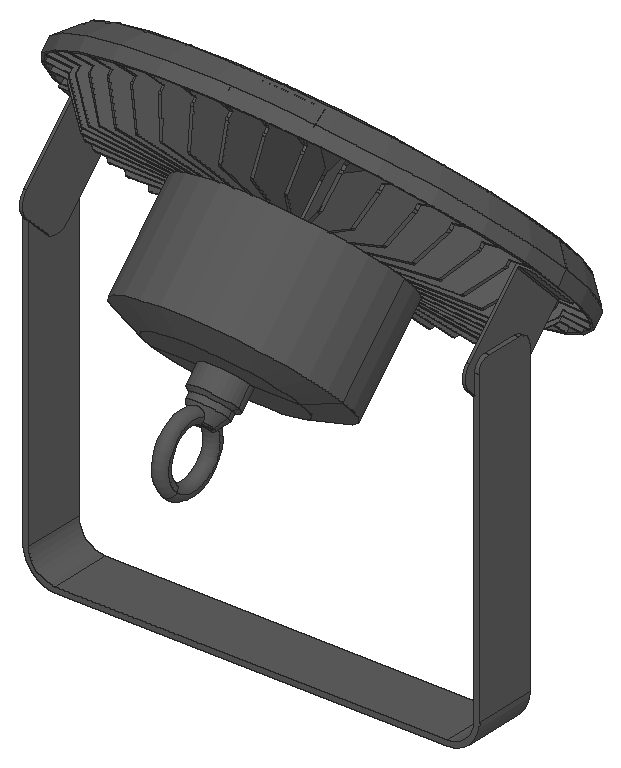
Revit family "0039362+0039353 Sylvania Lighting Fixture START HighBay IP65 DALI 13000lm 840 MB with BRACKET", category Lighting Fixtures, host Face, Revit 2017 (continued)
Definition of nested family "Start LED Highbay DALI Head"
  Nested families
    nested 8: "Start Highbay Rib" at (0, 0, 80.875) x (0.454, 0.891, 0) z (0, 0, 1), type "Type Name", detail levels medium+fine
      with SuspensionHeight_FEILO 2.6 mm, WidthStraight_FEILO 4.7 mm, WidthRingChamfer_FEILO 12.9 mm, WidthCurved_FEILO 26.2 mm, WidthCurvedRing_FEILO 4.7 mm, SizeS_FEILO no, Rib4_FEILO 14.6 mm, Rib3_FEILO 20.2 mm, Rib2_FEILO 4.5 mm, Rib1_FEILO 19 mm, RadiusDiffuser_FEILO 120 mm, RHRadius3_FEILO 8.6 mm, RHRadius2_FEILO 14 mm, RHRadius1_FEILO 17.7 mm, RHHeight4_FEILO 9.2 mm, RHHeight3_FEILO 4.6 mm, RHHeight2_FEILO 2.6 mm, RHHeight1_FEILO 17.4 mm, HeightRing_FEILO 36.8 mm, HeightRingChamfer_FEILO 26.6 mm, EyeThickness_FEILO 10.5 mm, EyeThicknessHalf_FEILO 5.25 mm, EyeInner_FEILO 17.3 mm, DriverVerticalStraight_FEILO 57 mm, DriverVerticalChamfer_FEILO 9.5 mm, DriverRadius_FEILO 76.4 mm, DriverRadiusTop_FEILO 52.4 mm, DriverBottom_FEILO 74 mm, Radius_FEILO 169.5 mm
    nested 9: "Start Highbay Rib" at (0, 0, 80.875) x (0.309, 0.9511, 0) z (0, 0, 1), type "Type Name", detail levels medium+fine
      with SuspensionHeight_FEILO 2.6 mm, WidthStraight_FEILO 4.7 mm, WidthRingChamfer_FEILO 12.9 mm, WidthCurved_FEILO 26.2 mm, WidthCurvedRing_FEILO 4.7 mm, SizeS_FEILO no, Rib4_FEILO 14.6 mm, Rib3_FEILO 20.2 mm, Rib2_FEILO 4.5 mm, Rib1_FEILO 19 mm, RadiusDiffuser_FEILO 120 mm, RHRadius3_FEILO 8.6 mm, RHRadius2_FEILO 14 mm, RHRadius1_FEILO 17.7 mm, RHHeight4_FEILO 9.2 mm, RHHeight3_FEILO 4.6 mm, RHHeight2_FEILO 2.6 mm, RHHeight1_FEILO 17.4 mm, HeightRing_FEILO 36.8 mm, HeightRingChamfer_FEILO 26.6 mm, EyeThickness_FEILO 10.5 mm, EyeThicknessHalf_FEILO 5.25 mm, EyeInner_FEILO 17.3 mm, DriverVerticalStraight_FEILO 57 mm, DriverVerticalChamfer_FEILO 9.5 mm, DriverRadius_FEILO 76.4 mm, DriverRadiusTop_FEILO 52.4 mm, DriverBottom_FEILO 74 mm, Radius_FEILO 169.5 mm
    nested 10: "Start Highbay Rib" at (0, 0, 80.875) x (0.1564, 0.9877, 0) z (0, 0, 1), type "Type Name", detail levels medium+fine
      with SuspensionHeight_FEILO 2.6 mm, WidthStraight_FEILO 4.7 mm, WidthRingChamfer_FEILO 12.9 mm, WidthCurved_FEILO 26.2 mm, WidthCurvedRing_FEILO 4.7 mm, SizeS_FEILO no, Rib4_FEILO 14.6 mm, Rib3_FEILO 20.2 mm, Rib2_FEILO 4.5 mm, Rib1_FEILO 19 mm, RadiusDiffuser_FEILO 120 mm, RHRadius3_FEILO 8.6 mm, RHRadius2_FEILO 14 mm, RHRadius1_FEILO 17.7 mm, RHHeight4_FEILO 9.2 mm, RHHeight3_FEILO 4.6 mm, RHHeight2_FEILO 2.6 mm, RHHeight1_FEILO 17.4 mm, HeightRing_FEILO 36.8 mm, HeightRingChamfer_FEILO 26.6 mm, EyeThickness_FEILO 10.5 mm, EyeThicknessHalf_FEILO 5.25 mm, EyeInner_FEILO 17.3 mm, DriverVerticalStraight_FEILO 57 mm, DriverVerticalChamfer_FEILO 9.5 mm, DriverRadius_FEILO 76.4 mm, DriverRadiusTop_FEILO 52.4 mm, DriverBottom_FEILO 74 mm, Radius_FEILO 169.5 mm
    nested 11: "Start Highbay Rib" at (0, 0, 80.875) x (0, 1, 0) z (0, 0, 1), type "Type Name", detail levels medium+fine
      with SuspensionHeight_FEILO 2.6 mm, WidthStraight_FEILO 4.7 mm, WidthRingChamfer_FEILO 12.9 mm, WidthCurved_FEILO 26.2 mm, WidthCurvedRing_FEILO 4.7 mm, SizeS_FEILO no, Rib4_FEILO 14.6 mm, Rib3_FEILO 20.2 mm, Rib2_FEILO 4.5 mm, Rib1_FEILO 19 mm, RadiusDiffuser_FEILO 120 mm, RHRadius3_FEILO 8.6 mm, RHRadius2_FEILO 14 mm, RHRadius1_FEILO 17.7 mm, RHHeight4_FEILO 9.2 mm, RHHeight3_FEILO 4.6 mm, RHHeight2_FEILO 2.6 mm, RHHeight1_FEILO 17.4 mm, HeightRing_FEILO 36.8 mm, HeightRingChamfer_FEILO 26.6 mm, EyeThickness_FEILO 10.5 mm, EyeThicknessHalf_FEILO 5.25 mm, EyeInner_FEILO 17.3 mm, DriverVerticalStraight_FEILO 57 mm, DriverVerticalChamfer_FEILO 9.5 mm, DriverRadius_FEILO 76.4 mm, DriverRadiusTop_FEILO 52.4 mm, DriverBottom_FEILO 74 mm, Radius_FEILO 169.5 mm
    nested 12: "Start Highbay Rib" at (0, 0, 80.875) x (-0.1564, 0.9877, 0) z (0, 0, 1), type "Type Name", detail levels medium+fine
      with SuspensionHeight_FEILO 2.6 mm, WidthStraight_FEILO 4.7 mm, WidthRingChamfer_FEILO 12.9 mm, WidthCurved_FEILO 26.2 mm, WidthCurvedRing_FEILO 4.7 mm, SizeS_FEILO no, Rib4_FEILO 14.6 mm, Rib3_FEILO 20.2 mm, Rib2_FEILO 4.5 mm, Rib1_FEILO 19 mm, RadiusDiffuser_FEILO 120 mm, RHRadius3_FEILO 8.6 mm, RHRadius2_FEILO 14 mm, RHRadius1_FEILO 17.7 mm, RHHeight4_FEILO 9.2 mm, RHHeight3_FEILO 4.6 mm, RHHeight2_FEILO 2.6 mm, RHHeight1_FEILO 17.4 mm, HeightRing_FEILO 36.8 mm, HeightRingChamfer_FEILO 26.6 mm, EyeThickness_FEILO 10.5 mm, EyeThicknessHalf_FEILO 5.25 mm, EyeInner_FEILO 17.3 mm, DriverVerticalStraight_FEILO 57 mm, DriverVerticalChamfer_FEILO 9.5 mm, DriverRadius_FEILO 76.4 mm, DriverRadiusTop_FEILO 52.4 mm, DriverBottom_FEILO 74 mm, Radius_FEILO 169.5 mm
    nested 13: "Start Highbay Rib" at (0, 0, 80.875) x (-0.309, 0.9511, 0) z (0, 0, 1), type "Type Name", detail levels medium+fine
      with SuspensionHeight_FEILO 2.6 mm, WidthStraight_FEILO 4.7 mm, WidthRingChamfer_FEILO 12.9 mm, WidthCurved_FEILO 26.2 mm, WidthCurvedRing_FEILO 4.7 mm, SizeS_FEILO no, Rib4_FEILO 14.6 mm, Rib3_FEILO 20.2 mm, Rib2_FEILO 4.5 mm, Rib1_FEILO 19 mm, RadiusDiffuser_FEILO 120 mm, RHRadius3_FEILO 8.6 mm, RHRadius2_FEILO 14 mm, RHRadius1_FEILO 17.7 mm, RHHeight4_FEILO 9.2 mm, RHHeight3_FEILO 4.6 mm, RHHeight2_FEILO 2.6 mm, RHHeight1_FEILO 17.4 mm, HeightRing_FEILO 36.8 mm, HeightRingChamfer_FEILO 26.6 mm, EyeThickness_FEILO 10.5 mm, EyeThicknessHalf_FEILO 5.25 mm, EyeInner_FEILO 17.3 mm, DriverVerticalStraight_FEILO 57 mm, DriverVerticalChamfer_FEILO 9.5 mm, DriverRadius_FEILO 76.4 mm, DriverRadiusTop_FEILO 52.4 mm, DriverBottom_FEILO 74 mm, Radius_FEILO 169.5 mm
    nested 14: "Start Highbay Rib" at (0, 0, 80.875) x (-0.454, 0.891, 0) z (0, 0, 1), type "Type Name", detail levels medium+fine
      with SuspensionHeight_FEILO 2.6 mm, WidthStraight_FEILO 4.7 mm, WidthRingChamfer_FEILO 12.9 mm, WidthCurved_FEILO 26.2 mm, WidthCurvedRing_FEILO 4.7 mm, SizeS_FEILO no, Rib4_FEILO 14.6 mm, Rib3_FEILO 20.2 mm, Rib2_FEILO 4.5 mm, Rib1_FEILO 19 mm, RadiusDiffuser_FEILO 120 mm, RHRadius3_FEILO 8.6 mm, RHRadius2_FEILO 14 mm, RHRadius1_FEILO 17.7 mm, RHHeight4_FEILO 9.2 mm, RHHeight3_FEILO 4.6 mm, RHHeight2_FEILO 2.6 mm, RHHeight1_FEILO 17.4 mm, HeightRing_FEILO 36.8 mm, HeightRingChamfer_FEILO 26.6 mm, EyeThickness_FEILO 10.5 mm, EyeThicknessHalf_FEILO 5.25 mm, EyeInner_FEILO 17.3 mm, DriverVerticalStraight_FEILO 57 mm, DriverVerticalChamfer_FEILO 9.5 mm, DriverRadius_FEILO 76.4 mm, DriverRadiusTop_FEILO 52.4 mm, DriverBottom_FEILO 74 mm, Radius_FEILO 169.5 mm
    nested 15: "Start Highbay Rib" at (0, 0, 80.875) x (-0.5878, 0.809, 0) z (0, 0, 1), type "Type Name", detail levels medium+fine
      with SuspensionHeight_FEILO 2.6 mm, WidthStraight_FEILO 4.7 mm, WidthRingChamfer_FEILO 12.9 mm, WidthCurved_FEILO 26.2 mm, WidthCurvedRing_FEILO 4.7 mm, SizeS_FEILO no, Rib4_FEILO 14.6 mm, Rib3_FEILO 20.2 mm, Rib2_FEILO 4.5 mm, Rib1_FEILO 19 mm, RadiusDiffuser_FEILO 120 mm, RHRadius3_FEILO 8.6 mm, RHRadius2_FEILO 14 mm, RHRadius1_FEILO 17.7 mm, RHHeight4_FEILO 9.2 mm, RHHeight3_FEILO 4.6 mm, RHHeight2_FEILO 2.6 mm, RHHeight1_FEILO 17.4 mm, HeightRing_FEILO 36.8 mm, HeightRingChamfer_FEILO 26.6 mm, EyeThickness_FEILO 10.5 mm, EyeThicknessHalf_FEILO 5.25 mm, EyeInner_FEILO 17.3 mm, DriverVerticalStraight_FEILO 57 mm, DriverVerticalChamfer_FEILO 9.5 mm, DriverRadius_FEILO 76.4 mm, DriverRadiusTop_FEILO 52.4 mm, DriverBottom_FEILO 74 mm, Radius_FEILO 169.5 mm
    nested 16: "Start Highbay Rib" at (0, 0, 80.875) x (-0.7071, 0.7071, 0) z (0, 0, 1), type "Type Name", detail levels medium+fine
      with SuspensionHeight_FEILO 2.6 mm, WidthStraight_FEILO 4.7 mm, WidthRingChamfer_FEILO 12.9 mm, WidthCurved_FEILO 26.2 mm, WidthCurvedRing_FEILO 4.7 mm, SizeS_FEILO no, Rib4_FEILO 14.6 mm, Rib3_FEILO 20.2 mm, Rib2_FEILO 4.5 mm, Rib1_FEILO 19 mm, RadiusDiffuser_FEILO 120 mm, RHRadius3_FEILO 8.6 mm, RHRadius2_FEILO 14 mm, RHRadius1_FEILO 17.7 mm, RHHeight4_FEILO 9.2 mm, RHHeight3_FEILO 4.6 mm, RHHeight2_FEILO 2.6 mm, RHHeight1_FEILO 17.4 mm, HeightRing_FEILO 36.8 mm, HeightRingChamfer_FEILO 26.6 mm, EyeThickness_FEILO 10.5 mm, EyeThicknessHalf_FEILO 5.25 mm, EyeInner_FEILO 17.3 mm, DriverVerticalStraight_FEILO 57 mm, DriverVerticalChamfer_FEILO 9.5 mm, DriverRadius_FEILO 76.4 mm, DriverRadiusTop_FEILO 52.4 mm, DriverBottom_FEILO 74 mm, Radius_FEILO 169.5 mm
    nested 17: "Start Highbay Rib" at (0, 0, 80.875) x (-0.809, 0.5878, 0) z (0, 0, 1), type "Type Name", detail levels medium+fine
      with SuspensionHeight_FEILO 2.6 mm, WidthStraight_FEILO 4.7 mm, WidthRingChamfer_FEILO 12.9 mm, WidthCurved_FEILO 26.2 mm, WidthCurvedRing_FEILO 4.7 mm, SizeS_FEILO no, Rib4_FEILO 14.6 mm, Rib3_FEILO 20.2 mm, Rib2_FEILO 4.5 mm, Rib1_FEILO 19 mm, RadiusDiffuser_FEILO 120 mm, RHRadius3_FEILO 8.6 mm, RHRadius2_FEILO 14 mm, RHRadius1_FEILO 17.7 mm, RHHeight4_FEILO 9.2 mm, RHHeight3_FEILO 4.6 mm, RHHeight2_FEILO 2.6 mm, RHHeight1_FEILO 17.4 mm, HeightRing_FEILO 36.8 mm, HeightRingChamfer_FEILO 26.6 mm, EyeThickness_FEILO 10.5 mm, EyeThicknessHalf_FEILO 5.25 mm, EyeInner_FEILO 17.3 mm, DriverVerticalStraight_FEILO 57 mm, DriverVerticalChamfer_FEILO 9.5 mm, DriverRadius_FEILO 76.4 mm, DriverRadiusTop_FEILO 52.4 mm, DriverBottom_FEILO 74 mm, Radius_FEILO 169.5 mm
    nested 18: "Start Highbay Rib" at (0, 0, 80.875) x (-0.891, 0.454, 0) z (0, 0, 1), type "Type Name", detail levels medium+fine
      with SuspensionHeight_FEILO 2.6 mm, WidthStraight_FEILO 4.7 mm, WidthRingChamfer_FEILO 12.9 mm, WidthCurved_FEILO 26.2 mm, WidthCurvedRing_FEILO 4.7 mm, SizeS_FEILO no, Rib4_FEILO 14.6 mm, Rib3_FEILO 20.2 mm, Rib2_FEILO 4.5 mm, Rib1_FEILO 19 mm, RadiusDiffuser_FEILO 120 mm, RHRadius3_FEILO 8.6 mm, RHRadius2_FEILO 14 mm, RHRadius1_FEILO 17.7 mm, RHHeight4_FEILO 9.2 mm, RHHeight3_FEILO 4.6 mm, RHHeight2_FEILO 2.6 mm, RHHeight1_FEILO 17.4 mm, HeightRing_FEILO 36.8 mm, HeightRingChamfer_FEILO 26.6 mm, EyeThickness_FEILO 10.5 mm, EyeThicknessHalf_FEILO 5.25 mm, EyeInner_FEILO 17.3 mm, DriverVerticalStraight_FEILO 57 mm, DriverVerticalChamfer_FEILO 9.5 mm, DriverRadius_FEILO 76.4 mm, DriverRadiusTop_FEILO 52.4 mm, DriverBottom_FEILO 74 mm, Radius_FEILO 169.5 mm
    nested 19: "Start Highbay Rib" at (0, 0, 80.875) x (-0.9511, 0.309, 0) z (0, 0, 1), type "Type Name", detail levels medium+fine
      with SuspensionHeight_FEILO 2.6 mm, WidthStraight_FEILO 4.7 mm, WidthRingChamfer_FEILO 12.9 mm, WidthCurved_FEILO 26.2 mm, WidthCurvedRing_FEILO 4.7 mm, SizeS_FEILO no, Rib4_FEILO 14.6 mm, Rib3_FEILO 20.2 mm, Rib2_FEILO 4.5 mm, Rib1_FEILO 19 mm, RadiusDiffuser_FEILO 120 mm, RHRadius3_FEILO 8.6 mm, RHRadius2_FEILO 14 mm, RHRadius1_FEILO 17.7 mm, RHHeight4_FEILO 9.2 mm, RHHeight3_FEILO 4.6 mm, RHHeight2_FEILO 2.6 mm, RHHeight1_FEILO 17.4 mm, HeightRing_FEILO 36.8 mm, HeightRingChamfer_FEILO 26.6 mm, EyeThickness_FEILO 10.5 mm, EyeThicknessHalf_FEILO 5.25 mm, EyeInner_FEILO 17.3 mm, DriverVerticalStraight_FEILO 57 mm, DriverVerticalChamfer_FEILO 9.5 mm, DriverRadius_FEILO 76.4 mm, DriverRadiusTop_FEILO 52.4 mm, DriverBottom_FEILO 74 mm, Radius_FEILO 169.5 mm
    nested 20: "Start Highbay Rib" at (0, 0, 80.875) x (-0.9877, 0.1564, 0) z (0, 0, 1), type "Type Name", detail levels medium+fine
      with SuspensionHeight_FEILO 2.6 mm, WidthStraight_FEILO 4.7 mm, WidthRingChamfer_FEILO 12.9 mm, WidthCurved_FEILO 26.2 mm, WidthCurvedRing_FEILO 4.7 mm, SizeS_FEILO no, Rib4_FEILO 14.6 mm, Rib3_FEILO 20.2 mm, Rib2_FEILO 4.5 mm, Rib1_FEILO 19 mm, RadiusDiffuser_FEILO 120 mm, RHRadius3_FEILO 8.6 mm, RHRadius2_FEILO 14 mm, RHRadius1_FEILO 17.7 mm, RHHeight4_FEILO 9.2 mm, RHHeight3_FEILO 4.6 mm, RHHeight2_FEILO 2.6 mm, RHHeight1_FEILO 17.4 mm, HeightRing_FEILO 36.8 mm, HeightRingChamfer_FEILO 26.6 mm, EyeThickness_FEILO 10.5 mm, EyeThicknessHalf_FEILO 5.25 mm, EyeInner_FEILO 17.3 mm, DriverVerticalStraight_FEILO 57 mm, DriverVerticalChamfer_FEILO 9.5 mm, DriverRadius_FEILO 76.4 mm, DriverRadiusTop_FEILO 52.4 mm, DriverBottom_FEILO 74 mm, Radius_FEILO 169.5 mm
    nested 21: "Start Highbay Rib" at (0, 0, 80.875) x (-1, 0, 0) z (0, 0, 1), type "Type Name", detail levels medium+fine
      with SuspensionHeight_FEILO 2.6 mm, WidthStraight_FEILO 4.7 mm, WidthRingChamfer_FEILO 12.9 mm, WidthCurved_FEILO 26.2 mm, WidthCurvedRing_FEILO 4.7 mm, SizeS_FEILO no, Rib4_FEILO 14.6 mm, Rib3_FEILO 20.2 mm, Rib2_FEILO 4.5 mm, Rib1_FEILO 19 mm, RadiusDiffuser_FEILO 120 mm, RHRadius3_FEILO 8.6 mm, RHRadius2_FEILO 14 mm, RHRadius1_FEILO 17.7 mm, RHHeight4_FEILO 9.2 mm, RHHeight3_FEILO 4.6 mm, RHHeight2_FEILO 2.6 mm, RHHeight1_FEILO 17.4 mm, HeightRing_FEILO 36.8 mm, HeightRingChamfer_FEILO 26.6 mm, EyeThickness_FEILO 10.5 mm, EyeThicknessHalf_FEILO 5.25 mm, EyeInner_FEILO 17.3 mm, DriverVerticalStraight_FEILO 57 mm, DriverVerticalChamfer_FEILO 9.5 mm, DriverRadius_FEILO 76.4 mm, DriverRadiusTop_FEILO 52.4 mm, DriverBottom_FEILO 74 mm, Radius_FEILO 169.5 mm
    nested 22: "Start Highbay Rib" at (0, 0, 80.875) x (-0.9877, -0.1564, 0) z (0, 0, 1), type "Type Name", detail levels medium+fine
      with SuspensionHeight_FEILO 2.6 mm, WidthStraight_FEILO 4.7 mm, WidthRingChamfer_FEILO 12.9 mm, WidthCurved_FEILO 26.2 mm, WidthCurvedRing_FEILO 4.7 mm, SizeS_FEILO no, Rib4_FEILO 14.6 mm, Rib3_FEILO 20.2 mm, Rib2_FEILO 4.5 mm, Rib1_FEILO 19 mm, RadiusDiffuser_FEILO 120 mm, RHRadius3_FEILO 8.6 mm, RHRadius2_FEILO 14 mm, RHRadius1_FEILO 17.7 mm, RHHeight4_FEILO 9.2 mm, RHHeight3_FEILO 4.6 mm, RHHeight2_FEILO 2.6 mm, RHHeight1_FEILO 17.4 mm, HeightRing_FEILO 36.8 mm, HeightRingChamfer_FEILO 26.6 mm, EyeThickness_FEILO 10.5 mm, EyeThicknessHalf_FEILO 5.25 mm, EyeInner_FEILO 17.3 mm, DriverVerticalStraight_FEILO 57 mm, DriverVerticalChamfer_FEILO 9.5 mm, DriverRadius_FEILO 76.4 mm, DriverRadiusTop_FEILO 52.4 mm, DriverBottom_FEILO 74 mm, Radius_FEILO 169.5 mm
    nested 23: "Start Highbay Rib" at (0, 0, 80.875) x (-0.9511, -0.309, 0) z (0, 0, 1), type "Type Name", detail levels medium+fine
      with SuspensionHeight_FEILO 2.6 mm, WidthStraight_FEILO 4.7 mm, WidthRingChamfer_FEILO 12.9 mm, WidthCurved_FEILO 26.2 mm, WidthCurvedRing_FEILO 4.7 mm, SizeS_FEILO no, Rib4_FEILO 14.6 mm, Rib3_FEILO 20.2 mm, Rib2_FEILO 4.5 mm, Rib1_FEILO 19 mm, RadiusDiffuser_FEILO 120 mm, RHRadius3_FEILO 8.6 mm, RHRadius2_FEILO 14 mm, RHRadius1_FEILO 17.7 mm, RHHeight4_FEILO 9.2 mm, RHHeight3_FEILO 4.6 mm, RHHeight2_FEILO 2.6 mm, RHHeight1_FEILO 17.4 mm, HeightRing_FEILO 36.8 mm, HeightRingChamfer_FEILO 26.6 mm, EyeThickness_FEILO 10.5 mm, EyeThicknessHalf_FEILO 5.25 mm, EyeInner_FEILO 17.3 mm, DriverVerticalStraight_FEILO 57 mm, DriverVerticalChamfer_FEILO 9.5 mm, DriverRadius_FEILO 76.4 mm, DriverRadiusTop_FEILO 52.4 mm, DriverBottom_FEILO 74 mm, Radius_FEILO 169.5 mm
    nested 24: "Start Highbay Rib" at (0, 0, 80.875) x (-0.891, -0.454, 0) z (0, 0, 1), type "Type Name", detail levels medium+fine
      with SuspensionHeight_FEILO 2.6 mm, WidthStraight_FEILO 4.7 mm, WidthRingChamfer_FEILO 12.9 mm, WidthCurved_FEILO 26.2 mm, WidthCurvedRing_FEILO 4.7 mm, SizeS_FEILO no, Rib4_FEILO 14.6 mm, Rib3_FEILO 20.2 mm, Rib2_FEILO 4.5 mm, Rib1_FEILO 19 mm, RadiusDiffuser_FEILO 120 mm, RHRadius3_FEILO 8.6 mm, RHRadius2_FEILO 14 mm, RHRadius1_FEILO 17.7 mm, RHHeight4_FEILO 9.2 mm, RHHeight3_FEILO 4.6 mm, RHHeight2_FEILO 2.6 mm, RHHeight1_FEILO 17.4 mm, HeightRing_FEILO 36.8 mm, HeightRingChamfer_FEILO 26.6 mm, EyeThickness_FEILO 10.5 mm, EyeThicknessHalf_FEILO 5.25 mm, EyeInner_FEILO 17.3 mm, DriverVerticalStraight_FEILO 57 mm, DriverVerticalChamfer_FEILO 9.5 mm, DriverRadius_FEILO 76.4 mm, DriverRadiusTop_FEILO 52.4 mm, DriverBottom_FEILO 74 mm, Radius_FEILO 169.5 mm
    nested 25: "Start Highbay Rib" at (0, 0, 80.875) x (-0.809, -0.5878, 0) z (0, 0, 1), type "Type Name", detail levels medium+fine
      with SuspensionHeight_FEILO 2.6 mm, WidthStraight_FEILO 4.7 mm, WidthRingChamfer_FEILO 12.9 mm, WidthCurved_FEILO 26.2 mm, WidthCurvedRing_FEILO 4.7 mm, SizeS_FEILO no, Rib4_FEILO 14.6 mm, Rib3_FEILO 20.2 mm, Rib2_FEILO 4.5 mm, Rib1_FEILO 19 mm, RadiusDiffuser_FEILO 120 mm, RHRadius3_FEILO 8.6 mm, RHRadius2_FEILO 14 mm, RHRadius1_FEILO 17.7 mm, RHHeight4_FEILO 9.2 mm, RHHeight3_FEILO 4.6 mm, RHHeight2_FEILO 2.6 mm, RHHeight1_FEILO 17.4 mm, HeightRing_FEILO 36.8 mm, HeightRingChamfer_FEILO 26.6 mm, EyeThickness_FEILO 10.5 mm, EyeThicknessHalf_FEILO 5.25 mm, EyeInner_FEILO 17.3 mm, DriverVerticalStraight_FEILO 57 mm, DriverVerticalChamfer_FEILO 9.5 mm, DriverRadius_FEILO 76.4 mm, DriverRadiusTop_FEILO 52.4 mm, DriverBottom_FEILO 74 mm, Radius_FEILO 169.5 mm
    nested 26: "Start Highbay Rib" at (0, 0, 80.875) x (-0.7071, -0.7071, 0) z (0, 0, 1), type "Type Name", detail levels medium+fine
      with SuspensionHeight_FEILO 2.6 mm, WidthStraight_FEILO 4.7 mm, WidthRingChamfer_FEILO 12.9 mm, WidthCurved_FEILO 26.2 mm, WidthCurvedRing_FEILO 4.7 mm, SizeS_FEILO no, Rib4_FEILO 14.6 mm, Rib3_FEILO 20.2 mm, Rib2_FEILO 4.5 mm, Rib1_FEILO 19 mm, RadiusDiffuser_FEILO 120 mm, RHRadius3_FEILO 8.6 mm, RHRadius2_FEILO 14 mm, RHRadius1_FEILO 17.7 mm, RHHeight4_FEILO 9.2 mm, RHHeight3_FEILO 4.6 mm, RHHeight2_FEILO 2.6 mm, RHHeight1_FEILO 17.4 mm, HeightRing_FEILO 36.8 mm, HeightRingChamfer_FEILO 26.6 mm, EyeThickness_FEILO 10.5 mm, EyeThicknessHalf_FEILO 5.25 mm, EyeInner_FEILO 17.3 mm, DriverVerticalStraight_FEILO 57 mm, DriverVerticalChamfer_FEILO 9.5 mm, DriverRadius_FEILO 76.4 mm, DriverRadiusTop_FEILO 52.4 mm, DriverBottom_FEILO 74 mm, Radius_FEILO 169.5 mm
    nested 27: "Start Highbay Rib" at (0, 0, 80.875) x (-0.5878, -0.809, 0) z (0, 0, 1), type "Type Name", detail levels medium+fine
      with SuspensionHeight_FEILO 2.6 mm, WidthStraight_FEILO 4.7 mm, WidthRingChamfer_FEILO 12.9 mm, WidthCurved_FEILO 26.2 mm, WidthCurvedRing_FEILO 4.7 mm, SizeS_FEILO no, Rib4_FEILO 14.6 mm, Rib3_FEILO 20.2 mm, Rib2_FEILO 4.5 mm, Rib1_FEILO 19 mm, RadiusDiffuser_FEILO 120 mm, RHRadius3_FEILO 8.6 mm, RHRadius2_FEILO 14 mm, RHRadius1_FEILO 17.7 mm, RHHeight4_FEILO 9.2 mm, RHHeight3_FEILO 4.6 mm, RHHeight2_FEILO 2.6 mm, RHHeight1_FEILO 17.4 mm, HeightRing_FEILO 36.8 mm, HeightRingChamfer_FEILO 26.6 mm, EyeThickness_FEILO 10.5 mm, EyeThicknessHalf_FEILO 5.25 mm, EyeInner_FEILO 17.3 mm, DriverVerticalStraight_FEILO 57 mm, DriverVerticalChamfer_FEILO 9.5 mm, DriverRadius_FEILO 76.4 mm, DriverRadiusTop_FEILO 52.4 mm, DriverBottom_FEILO 74 mm, Radius_FEILO 169.5 mm
    nested 28: "Start Highbay Rib" at (0, 0, 80.875) x (-0.454, -0.891, 0) z (0, 0, 1), type "Type Name", detail levels medium+fine
      with SuspensionHeight_FEILO 2.6 mm, WidthStraight_FEILO 4.7 mm, WidthRingChamfer_FEILO 12.9 mm, WidthCurved_FEILO 26.2 mm, WidthCurvedRing_FEILO 4.7 mm, SizeS_FEILO no, Rib4_FEILO 14.6 mm, Rib3_FEILO 20.2 mm, Rib2_FEILO 4.5 mm, Rib1_FEILO 19 mm, RadiusDiffuser_FEILO 120 mm, RHRadius3_FEILO 8.6 mm, RHRadius2_FEILO 14 mm, RHRadius1_FEILO 17.7 mm, RHHeight4_FEILO 9.2 mm, RHHeight3_FEILO 4.6 mm, RHHeight2_FEILO 2.6 mm, RHHeight1_FEILO 17.4 mm, HeightRing_FEILO 36.8 mm, HeightRingChamfer_FEILO 26.6 mm, EyeThickness_FEILO 10.5 mm, EyeThicknessHalf_FEILO 5.25 mm, EyeInner_FEILO 17.3 mm, DriverVerticalStraight_FEILO 57 mm, DriverVerticalChamfer_FEILO 9.5 mm, DriverRadius_FEILO 76.4 mm, DriverRadiusTop_FEILO 52.4 mm, DriverBottom_FEILO 74 mm, Radius_FEILO 169.5 mm
    nested 29: "Start Highbay Rib" at (0, 0, 80.875) x (-0.309, -0.9511, 0) z (0, 0, 1), type "Type Name", detail levels medium+fine
      with SuspensionHeight_FEILO 2.6 mm, WidthStraight_FEILO 4.7 mm, WidthRingChamfer_FEILO 12.9 mm, WidthCurved_FEILO 26.2 mm, WidthCurvedRing_FEILO 4.7 mm, SizeS_FEILO no, Rib4_FEILO 14.6 mm, Rib3_FEILO 20.2 mm, Rib2_FEILO 4.5 mm, Rib1_FEILO 19 mm, RadiusDiffuser_FEILO 120 mm, RHRadius3_FEILO 8.6 mm, RHRadius2_FEILO 14 mm, RHRadius1_FEILO 17.7 mm, RHHeight4_FEILO 9.2 mm, RHHeight3_FEILO 4.6 mm, RHHeight2_FEILO 2.6 mm, RHHeight1_FEILO 17.4 mm, HeightRing_FEILO 36.8 mm, HeightRingChamfer_FEILO 26.6 mm, EyeThickness_FEILO 10.5 mm, EyeThicknessHalf_FEILO 5.25 mm, EyeInner_FEILO 17.3 mm, DriverVerticalStraight_FEILO 57 mm, DriverVerticalChamfer_FEILO 9.5 mm, DriverRadius_FEILO 76.4 mm, DriverRadiusTop_FEILO 52.4 mm, DriverBottom_FEILO 74 mm, Radius_FEILO 169.5 mm
    nested 30: "Start Highbay Rib" at (0, 0, 80.875) x (-0.1564, -0.9877, 0) z (0, 0, 1), type "Type Name", detail levels medium+fine
      with SuspensionHeight_FEILO 2.6 mm, WidthStraight_FEILO 4.7 mm, WidthRingChamfer_FEILO 12.9 mm, WidthCurved_FEILO 26.2 mm, WidthCurvedRing_FEILO 4.7 mm, SizeS_FEILO no, Rib4_FEILO 14.6 mm, Rib3_FEILO 20.2 mm, Rib2_FEILO 4.5 mm, Rib1_FEILO 19 mm, RadiusDiffuser_FEILO 120 mm, RHRadius3_FEILO 8.6 mm, RHRadius2_FEILO 14 mm, RHRadius1_FEILO 17.7 mm, RHHeight4_FEILO 9.2 mm, RHHeight3_FEILO 4.6 mm, RHHeight2_FEILO 2.6 mm, RHHeight1_FEILO 17.4 mm, HeightRing_FEILO 36.8 mm, HeightRingChamfer_FEILO 26.6 mm, EyeThickness_FEILO 10.5 mm, EyeThicknessHalf_FEILO 5.25 mm, EyeInner_FEILO 17.3 mm, DriverVerticalStraight_FEILO 57 mm, DriverVerticalChamfer_FEILO 9.5 mm, DriverRadius_FEILO 76.4 mm, DriverRadiusTop_FEILO 52.4 mm, DriverBottom_FEILO 74 mm, Radius_FEILO 169.5 mm
    nested 31: "Start Highbay Rib" at (0, 0, 80.875) x (0, -1, 0) z (0, 0, 1), type "Type Name", detail levels medium+fine
      with SuspensionHeight_FEILO 2.6 mm, WidthStraight_FEILO 4.7 mm, WidthRingChamfer_FEILO 12.9 mm, WidthCurved_FEILO 26.2 mm, WidthCurvedRing_FEILO 4.7 mm, SizeS_FEILO no, Rib4_FEILO 14.6 mm, Rib3_FEILO 20.2 mm, Rib2_FEILO 4.5 mm, Rib1_FEILO 19 mm, RadiusDiffuser_FEILO 120 mm, RHRadius3_FEILO 8.6 mm, RHRadius2_FEILO 14 mm, RHRadius1_FEILO 17.7 mm, RHHeight4_FEILO 9.2 mm, RHHeight3_FEILO 4.6 mm, RHHeight2_FEILO 2.6 mm, RHHeight1_FEILO 17.4 mm, HeightRing_FEILO 36.8 mm, HeightRingChamfer_FEILO 26.6 mm, EyeThickness_FEILO 10.5 mm, EyeThicknessHalf_FEILO 5.25 mm, EyeInner_FEILO 17.3 mm, DriverVerticalStraight_FEILO 57 mm, DriverVerticalChamfer_FEILO 9.5 mm, DriverRadius_FEILO 76.4 mm, DriverRadiusTop_FEILO 52.4 mm, DriverBottom_FEILO 74 mm, Radius_FEILO 169.5 mm
    nested 32: "Start Highbay Rib" at (0, 0, 80.875) x (0.1564, -0.9877, 0) z (0, 0, 1), type "Type Name", detail levels medium+fine
      with SuspensionHeight_FEILO 2.6 mm, WidthStraight_FEILO 4.7 mm, WidthRingChamfer_FEILO 12.9 mm, WidthCurved_FEILO 26.2 mm, WidthCurvedRing_FEILO 4.7 mm, SizeS_FEILO no, Rib4_FEILO 14.6 mm, Rib3_FEILO 20.2 mm, Rib2_FEILO 4.5 mm, Rib1_FEILO 19 mm, RadiusDiffuser_FEILO 120 mm, RHRadius3_FEILO 8.6 mm, RHRadius2_FEILO 14 mm, RHRadius1_FEILO 17.7 mm, RHHeight4_FEILO 9.2 mm, RHHeight3_FEILO 4.6 mm, RHHeight2_FEILO 2.6 mm, RHHeight1_FEILO 17.4 mm, HeightRing_FEILO 36.8 mm, HeightRingChamfer_FEILO 26.6 mm, EyeThickness_FEILO 10.5 mm, EyeThicknessHalf_FEILO 5.25 mm, EyeInner_FEILO 17.3 mm, DriverVerticalStraight_FEILO 57 mm, DriverVerticalChamfer_FEILO 9.5 mm, DriverRadius_FEILO 76.4 mm, DriverRadiusTop_FEILO 52.4 mm, DriverBottom_FEILO 74 mm, Radius_FEILO 169.5 mm
    nested 33: "Start Highbay Rib" at (0, 0, 80.875) x (0.309, -0.9511, 0) z (0, 0, 1), type "Type Name", detail levels medium+fine
      with SuspensionHeight_FEILO 2.6 mm, WidthStraight_FEILO 4.7 mm, WidthRingChamfer_FEILO 12.9 mm, WidthCurved_FEILO 26.2 mm, WidthCurvedRing_FEILO 4.7 mm, SizeS_FEILO no, Rib4_FEILO 14.6 mm, Rib3_FEILO 20.2 mm, Rib2_FEILO 4.5 mm, Rib1_FEILO 19 mm, RadiusDiffuser_FEILO 120 mm, RHRadius3_FEILO 8.6 mm, RHRadius2_FEILO 14 mm, RHRadius1_FEILO 17.7 mm, RHHeight4_FEILO 9.2 mm, RHHeight3_FEILO 4.6 mm, RHHeight2_FEILO 2.6 mm, RHHeight1_FEILO 17.4 mm, HeightRing_FEILO 36.8 mm, HeightRingChamfer_FEILO 26.6 mm, EyeThickness_FEILO 10.5 mm, EyeThicknessHalf_FEILO 5.25 mm, EyeInner_FEILO 17.3 mm, DriverVerticalStraight_FEILO 57 mm, DriverVerticalChamfer_FEILO 9.5 mm, DriverRadius_FEILO 76.4 mm, DriverRadiusTop_FEILO 52.4 mm, DriverBottom_FEILO 74 mm, Radius_FEILO 169.5 mm
    nested 34: "Start Highbay Rib" at (0, 0, 80.875) x (0.454, -0.891, 0) z (0, 0, 1), type "Type Name", detail levels medium+fine
      with SuspensionHeight_FEILO 2.6 mm, WidthStraight_FEILO 4.7 mm, WidthRingChamfer_FEILO 12.9 mm, WidthCurved_FEILO 26.2 mm, WidthCurvedRing_FEILO 4.7 mm, SizeS_FEILO no, Rib4_FEILO 14.6 mm, Rib3_FEILO 20.2 mm, Rib2_FEILO 4.5 mm, Rib1_FEILO 19 mm, RadiusDiffuser_FEILO 120 mm, RHRadius3_FEILO 8.6 mm, RHRadius2_FEILO 14 mm, RHRadius1_FEILO 17.7 mm, RHHeight4_FEILO 9.2 mm, RHHeight3_FEILO 4.6 mm, RHHeight2_FEILO 2.6 mm, RHHeight1_FEILO 17.4 mm, HeightRing_FEILO 36.8 mm, HeightRingChamfer_FEILO 26.6 mm, EyeThickness_FEILO 10.5 mm, EyeThicknessHalf_FEILO 5.25 mm, EyeInner_FEILO 17.3 mm, DriverVerticalStraight_FEILO 57 mm, DriverVerticalChamfer_FEILO 9.5 mm, DriverRadius_FEILO 76.4 mm, DriverRadiusTop_FEILO 52.4 mm, DriverBottom_FEILO 74 mm, Radius_FEILO 169.5 mm
    nested 35: "Start Highbay Rib" at (0, 0, 80.875) x (0.5878, -0.809, 0) z (0, 0, 1), type "Type Name", detail levels medium+fine
      with SuspensionHeight_FEILO 2.6 mm, WidthStraight_FEILO 4.7 mm, WidthRingChamfer_FEILO 12.9 mm, WidthCurved_FEILO 26.2 mm, WidthCurvedRing_FEILO 4.7 mm, SizeS_FEILO no, Rib4_FEILO 14.6 mm, Rib3_FEILO 20.2 mm, Rib2_FEILO 4.5 mm, Rib1_FEILO 19 mm, RadiusDiffuser_FEILO 120 mm, RHRadius3_FEILO 8.6 mm, RHRadius2_FEILO 14 mm, RHRadius1_FEILO 17.7 mm, RHHeight4_FEILO 9.2 mm, RHHeight3_FEILO 4.6 mm, RHHeight2_FEILO 2.6 mm, RHHeight1_FEILO 17.4 mm, HeightRing_FEILO 36.8 mm, HeightRingChamfer_FEILO 26.6 mm, EyeThickness_FEILO 10.5 mm, EyeThicknessHalf_FEILO 5.25 mm, EyeInner_FEILO 17.3 mm, DriverVerticalStraight_FEILO 57 mm, DriverVerticalChamfer_FEILO 9.5 mm, DriverRadius_FEILO 76.4 mm, DriverRadiusTop_FEILO 52.4 mm, DriverBottom_FEILO 74 mm, Radius_FEILO 169.5 mm
    nested 36: "Start Highbay Rib" at (0, 0, 80.875) x (0.7071, -0.7071, 0) z (0, 0, 1), type "Type Name", detail levels medium+fine
      with SuspensionHeight_FEILO 2.6 mm, WidthStraight_FEILO 4.7 mm, WidthRingChamfer_FEILO 12.9 mm, WidthCurved_FEILO 26.2 mm, WidthCurvedRing_FEILO 4.7 mm, SizeS_FEILO no, Rib4_FEILO 14.6 mm, Rib3_FEILO 20.2 mm, Rib2_FEILO 4.5 mm, Rib1_FEILO 19 mm, RadiusDiffuser_FEILO 120 mm, RHRadius3_FEILO 8.6 mm, RHRadius2_FEILO 14 mm, RHRadius1_FEILO 17.7 mm, RHHeight4_FEILO 9.2 mm, RHHeight3_FEILO 4.6 mm, RHHeight2_FEILO 2.6 mm, RHHeight1_FEILO 17.4 mm, HeightRing_FEILO 36.8 mm, HeightRingChamfer_FEILO 26.6 mm, EyeThickness_FEILO 10.5 mm, EyeThicknessHalf_FEILO 5.25 mm, EyeInner_FEILO 17.3 mm, DriverVerticalStraight_FEILO 57 mm, DriverVerticalChamfer_FEILO 9.5 mm, DriverRadius_FEILO 76.4 mm, DriverRadiusTop_FEILO 52.4 mm, DriverBottom_FEILO 74 mm, Radius_FEILO 169.5 mm
    nested 37: "Start Highbay Rib" at (0, 0, 80.875) x (0.809, -0.5878, 0) z (0, 0, 1), type "Type Name", detail levels medium+fine
      with SuspensionHeight_FEILO 2.6 mm, WidthStraight_FEILO 4.7 mm, WidthRingChamfer_FEILO 12.9 mm, WidthCurved_FEILO 26.2 mm, WidthCurvedRing_FEILO 4.7 mm, SizeS_FEILO no, Rib4_FEILO 14.6 mm, Rib3_FEILO 20.2 mm, Rib2_FEILO 4.5 mm, Rib1_FEILO 19 mm, RadiusDiffuser_FEILO 120 mm, RHRadius3_FEILO 8.6 mm, RHRadius2_FEILO 14 mm, RHRadius1_FEILO 17.7 mm, RHHeight4_FEILO 9.2 mm, RHHeight3_FEILO 4.6 mm, RHHeight2_FEILO 2.6 mm, RHHeight1_FEILO 17.4 mm, HeightRing_FEILO 36.8 mm, HeightRingChamfer_FEILO 26.6 mm, EyeThickness_FEILO 10.5 mm, EyeThicknessHalf_FEILO 5.25 mm, EyeInner_FEILO 17.3 mm, DriverVerticalStraight_FEILO 57 mm, DriverVerticalChamfer_FEILO 9.5 mm, DriverRadius_FEILO 76.4 mm, DriverRadiusTop_FEILO 52.4 mm, DriverBottom_FEILO 74 mm, Radius_FEILO 169.5 mm
    nested 38: "Start Highbay Rib" at (0, 0, 80.875) x (0.891, -0.454, 0) z (0, 0, 1), type "Type Name", detail levels medium+fine
      with SuspensionHeight_FEILO 2.6 mm, WidthStraight_FEILO 4.7 mm, WidthRingChamfer_FEILO 12.9 mm, WidthCurved_FEILO 26.2 mm, WidthCurvedRing_FEILO 4.7 mm, SizeS_FEILO no, Rib4_FEILO 14.6 mm, Rib3_FEILO 20.2 mm, Rib2_FEILO 4.5 mm, Rib1_FEILO 19 mm, RadiusDiffuser_FEILO 120 mm, RHRadius3_FEILO 8.6 mm, RHRadius2_FEILO 14 mm, RHRadius1_FEILO 17.7 mm, RHHeight4_FEILO 9.2 mm, RHHeight3_FEILO 4.6 mm, RHHeight2_FEILO 2.6 mm, RHHeight1_FEILO 17.4 mm, HeightRing_FEILO 36.8 mm, HeightRingChamfer_FEILO 26.6 mm, EyeThickness_FEILO 10.5 mm, EyeThicknessHalf_FEILO 5.25 mm, EyeInner_FEILO 17.3 mm, DriverVerticalStraight_FEILO 57 mm, DriverVerticalChamfer_FEILO 9.5 mm, DriverRadius_FEILO 76.4 mm, DriverRadiusTop_FEILO 52.4 mm, DriverBottom_FEILO 74 mm, Radius_FEILO 169.5 mm
    nested 39: "Start Highbay Rib" at (0, 0, 80.875) x (0.9511, -0.309, 0) z (0, 0, 1), type "Type Name", detail levels medium+fine
      with SuspensionHeight_FEILO 2.6 mm, WidthStraight_FEILO 4.7 mm, WidthRingChamfer_FEILO 12.9 mm, WidthCurved_FEILO 26.2 mm, WidthCurvedRing_FEILO 4.7 mm, SizeS_FEILO no, Rib4_FEILO 14.6 mm, Rib3_FEILO 20.2 mm, Rib2_FEILO 4.5 mm, Rib1_FEILO 19 mm, RadiusDiffuser_FEILO 120 mm, RHRadius3_FEILO 8.6 mm, RHRadius2_FEILO 14 mm, RHRadius1_FEILO 17.7 mm, RHHeight4_FEILO 9.2 mm, RHHeight3_FEILO 4.6 mm, RHHeight2_FEILO 2.6 mm, RHHeight1_FEILO 17.4 mm, HeightRing_FEILO 36.8 mm, HeightRingChamfer_FEILO 26.6 mm, EyeThickness_FEILO 10.5 mm, EyeThicknessHalf_FEILO 5.25 mm, EyeInner_FEILO 17.3 mm, DriverVerticalStraight_FEILO 57 mm, DriverVerticalChamfer_FEILO 9.5 mm, DriverRadius_FEILO 76.4 mm, DriverRadiusTop_FEILO 52.4 mm, DriverBottom_FEILO 74 mm, Radius_FEILO 169.5 mm
    nested 40: "Start Highbay Rib" at (0, 0, 80.875) x (0.9877, -0.1564, 0) z (0, 0, 1), type "Type Name", detail levels medium+fine
      with SuspensionHeight_FEILO 2.6 mm, WidthStraight_FEILO 4.7 mm, WidthRingChamfer_FEILO 12.9 mm, WidthCurved_FEILO 26.2 mm, WidthCurvedRing_FEILO 4.7 mm, SizeS_FEILO no, Rib4_FEILO 14.6 mm, Rib3_FEILO 20.2 mm, Rib2_FEILO 4.5 mm, Rib1_FEILO 19 mm, RadiusDiffuser_FEILO 120 mm, RHRadius3_FEILO 8.6 mm, RHRadius2_FEILO 14 mm, RHRadius1_FEILO 17.7 mm, RHHeight4_FEILO 9.2 mm, RHHeight3_FEILO 4.6 mm, RHHeight2_FEILO 2.6 mm, RHHeight1_FEILO 17.4 mm, HeightRing_FEILO 36.8 mm, HeightRingChamfer_FEILO 26.6 mm, EyeThickness_FEILO 10.5 mm, EyeThicknessHalf_FEILO 5.25 mm, EyeInner_FEILO 17.3 mm, DriverVerticalStraight_FEILO 57 mm, DriverVerticalChamfer_FEILO 9.5 mm, DriverRadius_FEILO 76.4 mm, DriverRadiusTop_FEILO 52.4 mm, DriverBottom_FEILO 74 mm, Radius_FEILO 169.5 mm
  Definition of nested family "Start Highbay Rib"
    Parameters (values of type "Type Name")
      WidthStraight_FEILO = if(SizeS_FEILO, 3 mm, if(SizeM_FEILO, 4 mm, 4.7 mm))  # 3 mm
      WidthRingChamfer_FEILO = if(SizeS_FEILO, 10.3 mm, if(SizeM_FEILO, 11.2 mm, 12.9 mm))  # 10.3 mm
      WidthCurved_FEILO = if(SizeS_FEILO, 17.4 mm, if(SizeM_FEILO, 16.4 mm, 26.2 mm))  # 17.4 mm
      WidthCurvedRing_FEILO = if(SizeS_FEILO, 3 mm, if(SizeM_FEILO, 4 mm, 4.7 mm))  # 3 mm
      WidthBracket_FEILO = 40 mm
      URL = "http://www.feilosylvania.com"
      Type Image = (empty or 0)
      Type Comments = "n/a"
      ThicknessWall_FEILO = 1.5 mm
      ThicknessBracket_FEILO = 1.5 mm
      ThicknessBracketHalf_FEILO = ThicknessBracket_FEILO / 2  # 0.75 mm
      SuspensionHeight_FEILO [instance] = 2.6 mm
      SizeS_FEILO = yes
      SizeM_FEILO = no
      Rib4_FEILO = if(SizeS_FEILO, 18.1 mm, if(SizeM_FEILO, 13.6 mm, 14.6 mm))  # 18.1 mm
      Rib3_FEILO = if(SizeS_FEILO, 15.3 mm, if(SizeM_FEILO, 17.6 mm, 20.2 mm))  # 15.3 mm
      Rib2_FEILO = if(SizeS_FEILO, 3.6 mm, if(SizeM_FEILO, 3.9 mm, 4.5 mm))  # 3.6 mm
      Rib1_FEILO = if(SizeS_FEILO, 15.1 mm, if(SizeM_FEILO, 16.5 mm, 19 mm))  # 15.1 mm
      RadiusRib_FEILO = 2 mm
      RadiusDiffuser_FEILO = if(SizeS_FEILO, 95.2 mm, if(SizeM_FEILO, 105.3 mm, 120 mm))  # 95.2 mm
      RHRadius3_FEILO = if(SizeS_FEILO, 6.6 mm, if(SizeM_FEILO, 7.4 mm, 8.6 mm))  # 6.6 mm
      RHRadius2_FEILO = if(SizeS_FEILO, 11 mm, if(SizeM_FEILO, 12 mm, 14 mm))  # 11 mm
      RHRadius1_FEILO = if(SizeS_FEILO, 13.6 mm, if(SizeM_FEILO, 14.9 mm, 17.7 mm))  # 13.6 mm
      RHHeight4_FEILO = if(SizeS_FEILO, 7.3 mm, if(SizeM_FEILO, 8 mm, 9.2 mm))  # 7.3 mm
      RHHeight3_FEILO = if(SizeS_FEILO, 3.6 mm, if(SizeM_FEILO, 3.7 mm, 4.6 mm))  # 3.6 mm
      RHHeight2_FEILO = if(SizeS_FEILO, 2 mm, if(SizeM_FEILO, 2.2 mm, 2.6 mm))  # 2 mm
      RHHeight1_FEILO = if(SizeS_FEILO, 11.8 mm, if(SizeM_FEILO, 15.3 mm, 17.4 mm))  # 11.8 mm
      Material_3_FEILO = none
      Model = ""
      Manufacturer = "Feilo Sylvania"
      Keynote = "16500"
      HeightRing_FEILO = if(SizeS_FEILO, 19.8 mm, if(SizeM_FEILO, 32 mm, 36.8 mm))  # 19.8 mm
      HeightRingChamfer_FEILO = if(SizeS_FEILO, 11.7 mm, if(SizeM_FEILO, 23.2 mm, 26.6 mm))  # 11.7 mm
      EyeThickness_FEILO = if(SizeS_FEILO, 8.4 mm, if(SizeM_FEILO, 9.2 mm, 10.5 mm))  # 8.4 mm
      EyeThicknessHalf_FEILO = EyeThickness_FEILO / 2  # 4.2 mm
      EyeInner_FEILO = if(SizeS_FEILO, 13.8 mm, if(SizeM_FEILO, 15.1 mm, 17.3 mm))  # 13.8 mm
      DriverVerticalStraight_FEILO = if(SizeS_FEILO, 46.5 mm, if(SizeM_FEILO, 49.7 mm, 57 mm))  # 46.5 mm
      DriverVerticalChamfer_FEILO = if(SizeS_FEILO, 7.5 mm, if(SizeM_FEILO, 8.2 mm, 9.5 mm))  # 7.5 mm
      DriverRadius_FEILO = if(SizeS_FEILO, 61.4 mm, if(SizeM_FEILO, 67.2 mm, 76.4 mm))  # 61.4 mm
      DriverRadiusTop_FEILO = if(SizeS_FEILO, 42 mm, if(SizeM_FEILO, 45.3 mm, 52.4 mm))  # 42 mm
      DriverBottom_FEILO = if(SizeS_FEILO, 56 mm, if(SizeM_FEILO, 64.5 mm, 74 mm))  # 56 mm
      Material_2_FEILO = none
      Radius_FEILO = if(SizeS_FEILO, 135 mm, if(SizeM_FEILO, 148 mm, 169.5 mm))  # 135 mm
      Description = ""
      Default Elevation = 1219.2 mm
      Cost = 0
      Material_1_FEILO = none
      Assembly Code = "D5020200"
      Material_4_FEILO = none
    Reference planes
      plane 1 "Center (Front/Back)": y = 0
      plane 2: z = 0
      plane 3 "Center (Left/Right)": x = 0
      plane 4: z = 2.6
      plane 5: x = -135
      plane 6: x = -124.7
      plane 7: z = -9.1
      plane 8: z = -17.2
      plane 9: x = -121.7
      plane 10: z = -0.025
      plane 11: x = -104.3
      plane 12: x = -95.2
      plane 13: x = -118.7
      plane 14: z = 0.975
      plane 15: z = -1.025
      plane 16: x = -92.2
      plane 17: z = -2.025
      plane 18: x = -133.5
      plane 19: x = -119.9
      plane 20: z = -20.8
      plane 21: x = -104.6
      plane 22: z = -38.9
      plane 23: x = -20
      plane 24: z = -53.4
      plane 25: x = -61.4
      plane 26: z = -99.9
      plane 27: x = -42
      plane 28: z = -107.4
      plane 29: x = -13.6
      plane 30: z = -119.2
      plane 31: z = -121.2
      plane 32: x = -11
      plane 33: z = -124.8
      plane 34: z = -132.1
      plane 35: x = -6.6
      plane 36: z = -145.9
      plane 37: z = -159.7
      plane 38: x = 4.2
      plane 39: x = -4.2
      plane 40: z = -168.1
      plane 41: z = -163.9
      plane 42: x = -129.1
      plane 43: x = -132.5
      plane 44: z = -18.7
      plane 45: x = -123.2
      plane 46: z = -76.65
      plane 47: y = -20
      plane 48: y = 20
      plane 49: x = 135
      plane 50: x = 124.7
      plane 51: x = 133.5
      plane 52: x = 129.1
      plane 53: x = 132.5
      plane 54: x = 123.2
      plane 55: y = 0.75
      plane 56: y = -0.75
    Forms (mm)
      Extrusion 1, solid
        sketch origin (4.2, 0, 0) x (1, 0, 0) y (0, 1, 0)
          loop
            line (-1219.2, 1219.2) -> (-1219.2, -1219.2) -> (1219.2, -1219.2) -> (1219.2, 1219.2) -> (-1219.2, 1219.2)
        from 0 to -68.017
      Extrusion 2, solid, material <- "Material_1_FEILO"
        sketch origin (0, 0, 0) x (1, 0, 0) y (0, 0, 1)
          loop
            arc (-104.3, -0.025) -> (-111.555, 0.423) -> (-118.7, 1.76) r 58.981
            line (-118.7, 1.76) -> (-118.7, -0.025) -> (-125.012, -0.025) -> (-133.5, -9.666) -> (-133.5, -17.2) -> (-119.9, -17.2) -> (-119.9, -20.068)
            arc (-119.9, -20.068) -> (-119.778, -20.755) -> (-119.427, -21.359) r 2
            line (-119.427, -21.359) -> (-104.966, -38.467)
            arc (-104.966, -38.467) -> (-104.381, -38.789) -> (-103.723, -38.9) r 2
            line (-103.723, -38.9) -> (-20, -38.9) -> (-20, -9.1) -> (-95.2, -9.1) -> (-95.2, -2.025) -> (-104.3, -2.025) -> (-104.3, -0.025)
        from -0.75 to 0.75
    Lines and regions (mm)
      reference lines
        curve 1: line (-135, 0, -9.1) -> (-124.7, 0, 2.6)
        curve 2: line (-104.3, 0, -0.025) -> (0, 0, -0.025)
        curve 3: arc (-104.3, 0, -0.025) -> (-113.098, 0, 0.635) -> (-121.7, 0, 2.6) r 58.981
        curve 4: line (-124.7, 0, 2.6) -> (-121.7, 0, 2.6)
        curve 5: line (-125.012, 0, -0.025) -> (-133.5, 0, -9.666)
        curve 6: line (-119.9, 0, -20.8) -> (-104.6, 0, -38.9)
    Dimensions and locks
      "Radius_FEILO": plane 3 "Center (Left/Right)" to plane 5
      "WidthRingChamfer_FEILO": plane 6 to plane 5
      "WidthStraight_FEILO": plane 9 to plane 6
      "WidthCurvedRing_FEILO": plane 13 to plane 9
      locked: plane 10 to plane 15 at 1
      locked: plane 14 to plane 10 at 1
      locked: plane 4 to plane 10 at 2.625
      locked: plane 15 to plane 17 at 1
      "ThicknessWall_FEILO": plane 18 to plane 5
      "ThicknessWall_FEILO": curve 5 to curve 1
      "HeightRingChamfer_FEILO": plane 4 to plane 7
      "HeightRing_FEILO": plane 4 to plane 8
      "RadiusDiffuser_FEILO": plane 3 "Center (Left/Right)" to plane 12
      locked: plane 16 to plane 12 at 3
      "WidthCurved_FEILO": plane 11 to plane 9
      "SuspensionHeight_FEILO": plane 4 to plane 2
      "Rib1_FEILO": plane 19 to plane 5
      "Rib2_FEILO": plane 8 to plane 20
      "Rib3_FEILO": plane 21 to plane 19
      "Rib4_FEILO": plane 20 to plane 22
      locked: plane 3 "Center (Left/Right)" to plane 23 at 20
      "DriverBottom_FEILO": plane 4 to plane 24
      "DriverRadius_FEILO": plane 3 "Center (Left/Right)" to plane 25
      "DriverVerticalStraight_FEILO": plane 24 to plane 26
      "DriverRadiusTop_FEILO": plane 3 "Center (Left/Right)" to plane 27
      "DriverVerticalChamfer_FEILO": plane 26 to plane 28
      "RHRadius1_FEILO": plane 3 "Center (Left/Right)" to plane 29
      "RHHeight2_FEILO": plane 30 to plane 31
      "RHRadius2_FEILO": plane 3 "Center (Left/Right)" to plane 32
      "RHHeight3_FEILO": plane 31 to plane 33
      "RHHeight4_FEILO": plane 33 to plane 34
      "RHRadius3_FEILO": plane 3 "Center (Left/Right)" to plane 35
      "RHHeight1_FEILO": plane 28 to plane 30
      "EyeInner_FEILO": plane 34 to plane 36
      "EyeInner_FEILO": plane 36 to plane 37
      equal spacing: plane 38, plane 3 "Center (Left/Right)", plane 39
      "EyeThickness_FEILO": plane 38 to plane 39
      "EyeThickness_FEILO": plane 37 to plane 40
      equal spacing: plane 37, plane 41, plane 40
      equal spacing: plane 6, plane 42, plane 18
      "ThicknessBracket_FEILO": plane 45 to plane 6
      "ThicknessBracket_FEILO": plane 8 to plane 44
      locked: plane 43 to plane 18 at 1
      equal spacing: plane 24, plane 46, plane 26
      equal spacing: plane 47, plane 1 "Center (Front/Back)", plane 48
      "WidthBracket_FEILO": plane 47 to plane 48
      "WidthRingChamfer_FEILO": plane 50 to plane 49
      "ThicknessWall_FEILO": plane 51 to plane 49
      equal spacing: plane 50, plane 52, plane 51
      "ThicknessBracket_FEILO": plane 54 to plane 50
      locked: plane 53 to plane 51 at 1
      "Radius_FEILO": plane 49 to plane 3 "Center (Left/Right)"
      equal spacing: plane 56, plane 1 "Center (Front/Back)", plane 55
      "ThicknessWall_FEILO": plane 56 to plane 55
      "RadiusRib_FEILO": radius of Extrusion 2 sketch curve  (x2)
      aligned and locked: plane 2 to Extrusion 1
      aligned and locked: level to Extrusion 1
      aligned and locked: plane 5 to curve 1
      aligned and locked: plane 6 to curve 1
      aligned and locked: plane 7 to curve 1
      aligned and locked: plane 10 to curve 2
      aligned and locked: plane 9 to curve 3
      aligned and locked: plane 4 to curve 3
      aligned and locked: plane 11 to curve 3
      aligned and locked: plane 4 to curve 4
      aligned and locked: plane 18 to curve 5
      aligned and locked: plane 10 to curve 5
      aligned and locked: plane 22 to curve 6
      aligned and locked: plane 21 to curve 6
      aligned and locked: plane 20 to curve 6
      aligned and locked: plane 19 to curve 6
      aligned and locked: Extrusion 2 sketch curve to plane 23
      aligned and locked: Extrusion 2 sketch curve to plane 22
      aligned and locked: Extrusion 2 sketch curve to curve 6
      aligned and locked: plane 19 to Extrusion 2 sketch curve
      aligned and locked: Extrusion 2 sketch curve to plane 8
      aligned and locked: Extrusion 2 sketch curve to curve 5
      aligned and locked: Extrusion 2 sketch curve to curve 3
      aligned and locked: Extrusion 2 to plane 55
      aligned and locked: plane 56 to Extrusion 2
      aligned and locked: curve 6 to Extrusion 2 sketch curve
    Automatic sketch dimensions
      Extrusion 1 sketch curve to Extrusion 1 sketch curve = 2438.4 mm  (x2)
      curve 2 to plane 3 "Center (Left/Right)" = 0 mm
      Extrusion 2 sketch curve to plane 18 = 0 mm
      Extrusion 2 sketch curve to plane 10 = 0 mm
      Extrusion 2 sketch curve to plane 13 = 0 mm
      Extrusion 2 sketch curve to plane 7 = 0 mm
      Extrusion 2 sketch curve to plane 12 = 0 mm
      Extrusion 2 sketch curve to plane 17 = 0 mm
      plane 19 to Extrusion 2 sketch curve = 0.473 mm
      Extrusion 2 sketch curve to plane 21 = 0.366 mm
